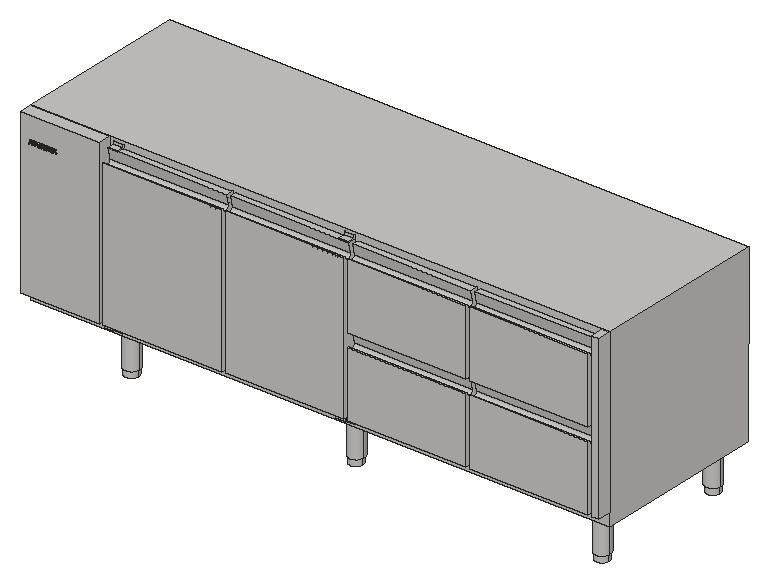
Revit family "QF_ALPENINOX_721171_AA4R7AABB", category Attrezzature speciali, Revit 2018 (continued)
Definition of nested family "HP_APX_BI_TN_L"
  Lines and regions (mm)
    Split face 120
      outline origin (330, -951.3, 50) x (1, 0, 0) y (0, 1, 0)
        loop
          arc (-328.464, 657.474) -> (-332.464, 653.474) -> (-328.464, 649.474) r 4
          line (-328.464, 649.474) -> (-286.464, 649.474)
          arc (-286.464, 649.474) -> (-282.464, 653.474) -> (-286.464, 657.474) r 4
          line (-286.464, 657.474) -> (-328.464, 657.474)
    Split face 121
      outline origin (110, -951.3, 50) x (1, 0, 0) y (0, 1, 0)
        loop
          arc (-218.464, 657.474) -> (-222.464, 653.474) -> (-218.464, 649.474) r 4
          line (-218.464, 649.474) -> (-176.464, 649.474)
          arc (-176.464, 649.474) -> (-172.464, 653.474) -> (-176.464, 657.474) r 4
          line (-176.464, 657.474) -> (-218.464, 657.474)
    Split face 122
      outline origin (220, -951.3, 50) x (1, 0, 0) y (0, 1, 0)
        loop
          arc (-273.464, 657.474) -> (-277.464, 653.474) -> (-273.464, 649.474) r 4
          line (-273.464, 649.474) -> (-231.464, 649.474)
          arc (-231.464, 649.474) -> (-227.464, 653.474) -> (-231.464, 657.474) r 4
          line (-231.464, 657.474) -> (-273.464, 657.474)
    Split face 123
      outline origin (0, -975.3, 50) x (1, 0, 0) y (0, 1, 0)
        loop
          arc (-163.464, 669.474) -> (-167.464, 665.474) -> (-163.464, 661.474) r 4
          line (-163.464, 661.474) -> (-121.464, 661.474)
          arc (-121.464, 661.474) -> (-117.464, 665.474) -> (-121.464, 669.474) r 4
          line (-121.464, 669.474) -> (-163.464, 669.474)
    Split face 124
      outline origin (330, -975.3, 50) x (1, 0, 0) y (0, 1, 0)
        loop
          arc (-328.464, 669.474) -> (-332.464, 665.474) -> (-328.464, 661.474) r 4
          line (-328.464, 661.474) -> (-286.464, 661.474)
          arc (-286.464, 661.474) -> (-282.464, 665.474) -> (-286.464, 669.474) r 4
          line (-286.464, 669.474) -> (-328.464, 669.474)
    Split face 125
      outline origin (110, -975.3, 50) x (1, 0, 0) y (0, 1, 0)
        loop
          arc (-218.464, 669.474) -> (-222.464, 665.474) -> (-218.464, 661.474) r 4
          line (-218.464, 661.474) -> (-176.464, 661.474)
          arc (-176.464, 661.474) -> (-172.464, 665.474) -> (-176.464, 669.474) r 4
          line (-176.464, 669.474) -> (-218.464, 669.474)
    Split face 126
      outline origin (220, -975.3, 50) x (1, 0, 0) y (0, 1, 0)
        loop
          arc (-273.464, 669.474) -> (-277.464, 665.474) -> (-273.464, 661.474) r 4
          line (-273.464, 661.474) -> (-231.464, 661.474)
          arc (-231.464, 661.474) -> (-227.464, 665.474) -> (-231.464, 669.474) r 4
          line (-231.464, 669.474) -> (-273.464, 669.474)
    Split face 127
      outline origin (0, -999.3, 50) x (1, 0, 0) y (0, 1, 0)
        loop
          arc (-163.464, 681.474) -> (-167.464, 677.474) -> (-163.464, 673.474) r 4
          line (-163.464, 673.474) -> (-121.464, 673.474)
          arc (-121.464, 673.474) -> (-117.464, 677.474) -> (-121.464, 681.474) r 4
          line (-121.464, 681.474) -> (-163.464, 681.474)
    Split face 128
      outline origin (330, -999.3, 50) x (1, 0, 0) y (0, 1, 0)
        loop
          arc (-328.464, 681.474) -> (-332.464, 677.474) -> (-328.464, 673.474) r 4
          line (-328.464, 673.474) -> (-286.464, 673.474)
          arc (-286.464, 673.474) -> (-282.464, 677.474) -> (-286.464, 681.474) r 4
          line (-286.464, 681.474) -> (-328.464, 681.474)
    Split face 129
      outline origin (110, -999.3, 50) x (1, 0, 0) y (0, 1, 0)
        loop
          arc (-218.464, 681.474) -> (-222.464, 677.474) -> (-218.464, 673.474) r 4
          line (-218.464, 673.474) -> (-176.464, 673.474)
          arc (-176.464, 673.474) -> (-172.464, 677.474) -> (-176.464, 681.474) r 4
          line (-176.464, 681.474) -> (-218.464, 681.474)
    Split face 130
      outline origin (220, -999.3, 50) x (1, 0, 0) y (0, 1, 0)
        loop
          arc (-273.464, 681.474) -> (-277.464, 677.474) -> (-273.464, 673.474) r 4
          line (-273.464, 673.474) -> (-231.464, 673.474)
          arc (-231.464, 673.474) -> (-227.464, 677.474) -> (-231.464, 681.474) r 4
          line (-231.464, 681.474) -> (-273.464, 681.474)
    Split face 131
      outline origin (0, -1023.3, 50) x (1, 0, 0) y (0, 1, 0)
        loop
          arc (-163.464, 693.474) -> (-167.464, 689.474) -> (-163.464, 685.474) r 4
          line (-163.464, 685.474) -> (-121.464, 685.474)
          arc (-121.464, 685.474) -> (-117.464, 689.474) -> (-121.464, 693.474) r 4
          line (-121.464, 693.474) -> (-163.464, 693.474)
    Split face 132
      outline origin (330, -1023.3, 50) x (1, 0, 0) y (0, 1, 0)
        loop
          arc (-328.464, 693.474) -> (-332.464, 689.474) -> (-328.464, 685.474) r 4
          line (-328.464, 685.474) -> (-286.464, 685.474)
          arc (-286.464, 685.474) -> (-282.464, 689.474) -> (-286.464, 693.474) r 4
          line (-286.464, 693.474) -> (-328.464, 693.474)
    Split face 133
      outline origin (110, -1023.3, 50) x (1, 0, 0) y (0, 1, 0)
        loop
          arc (-218.464, 693.474) -> (-222.464, 689.474) -> (-218.464, 685.474) r 4
          line (-218.464, 685.474) -> (-176.464, 685.474)
          arc (-176.464, 685.474) -> (-172.464, 689.474) -> (-176.464, 693.474) r 4
          line (-176.464, 693.474) -> (-218.464, 693.474)
    Split face 134
      outline origin (220, -1023.3, 50) x (1, 0, 0) y (0, 1, 0)
        loop
          arc (-273.464, 693.474) -> (-277.464, 689.474) -> (-273.464, 685.474) r 4
          line (-273.464, 685.474) -> (-231.464, 685.474)
          arc (-231.464, 685.474) -> (-227.464, 689.474) -> (-231.464, 693.474) r 4
          line (-231.464, 693.474) -> (-273.464, 693.474)
    symbolic lines
      curve 1: line (87.08, -49, 50) -> (87.08, -49, 0)
  Dimensions and locks
    equal spacing: plane 6, plane 1 "Center (Front/Back)", plane 7
    equal spacing: plane 4, plane 3 "Center (Left/Right)", plane 5
    aligned and locked: plane 2 to Extrusion 1
    aligned and locked: level to Extrusion 1
  Automatic sketch dimensions
    Split face 5 sketch curve to Split face 5 sketch curve = 42 mm
    Split face 5 sketch curve to Split face 5 sketch curve = 4 mm
    Split face 6 sketch curve to Split face 6 sketch curve = 42 mm
    Split face 6 sketch curve to Split face 6 sketch curve = 4 mm
    Split face 7 sketch curve to Split face 7 sketch curve = 42 mm
    Split face 7 sketch curve to Split face 7 sketch curve = 4 mm
    Split face 8 sketch curve to Split face 8 sketch curve = 42 mm
    Split face 8 sketch curve to Split face 8 sketch curve = 4 mm
    Split face 9 sketch curve to Split face 9 sketch curve = 42 mm
    Split face 9 sketch curve to Split face 9 sketch curve = 4 mm
    Split face 10 sketch curve to Split face 10 sketch curve = 42 mm
    Split face 10 sketch curve to Split face 10 sketch curve = 4 mm
    Split face 11 sketch curve to Split face 11 sketch curve = 42 mm
    Split face 11 sketch curve to Split face 11 sketch curve = 4 mm
    Split face 12 sketch curve to Split face 12 sketch curve = 42 mm
    Split face 12 sketch curve to Split face 12 sketch curve = 4 mm
    Split face 13 sketch curve to Split face 13 sketch curve = 42 mm
    Split face 13 sketch curve to Split face 13 sketch curve = 4 mm
    Split face 14 sketch curve to Split face 14 sketch curve = 42 mm
    Split face 14 sketch curve to Split face 14 sketch curve = 4 mm
    Split face 15 sketch curve to Split face 15 sketch curve = 42 mm
    Split face 15 sketch curve to Split face 15 sketch curve = 4 mm
    Split face 16 sketch curve to Split face 16 sketch curve = 42 mm
    Split face 16 sketch curve to Split face 16 sketch curve = 4 mm
    Split face 17 sketch curve to Split face 17 sketch curve = 42 mm
    Split face 17 sketch curve to Split face 17 sketch curve = 4 mm
    Split face 18 sketch curve to Split face 18 sketch curve = 42 mm
    Split face 18 sketch curve to Split face 18 sketch curve = 4 mm
    Split face 19 sketch curve to Split face 19 sketch curve = 42 mm
    Split face 19 sketch curve to Split face 19 sketch curve = 4 mm
    Split face 20 sketch curve to Split face 20 sketch curve = 42 mm
    Split face 20 sketch curve to Split face 20 sketch curve = 4 mm
    Split face 21 sketch curve to Split face 21 sketch curve = 42 mm
    Split face 21 sketch curve to Split face 21 sketch curve = 4 mm
    Split face 22 sketch curve to Split face 22 sketch curve = 42 mm
    Split face 22 sketch curve to Split face 22 sketch curve = 4 mm
    Split face 23 sketch curve to Split face 23 sketch curve = 42 mm
    Split face 23 sketch curve to Split face 23 sketch curve = 4 mm
    Split face 24 sketch curve to Split face 24 sketch curve = 42 mm
    Split face 24 sketch curve to Split face 24 sketch curve = 4 mm
    Split face 25 sketch curve to Split face 25 sketch curve = 42 mm
    Split face 25 sketch curve to Split face 25 sketch curve = 4 mm
    Split face 26 sketch curve to Split face 26 sketch curve = 42 mm
    Split face 26 sketch curve to Split face 26 sketch curve = 4 mm
    Split face 27 sketch curve to Split face 27 sketch curve = 42 mm
    Split face 27 sketch curve to Split face 27 sketch curve = 4 mm
    Split face 28 sketch curve to Split face 28 sketch curve = 42 mm
    Split face 28 sketch curve to Split face 28 sketch curve = 4 mm
    Split face 29 sketch curve to Split face 29 sketch curve = 42 mm
    Split face 29 sketch curve to Split face 29 sketch curve = 4 mm
    Split face 30 sketch curve to Split face 30 sketch curve = 42 mm
    Split face 30 sketch curve to Split face 30 sketch curve = 4 mm
    Split face 31 sketch curve to Split face 31 sketch curve = 42 mm
    Split face 31 sketch curve to Split face 31 sketch curve = 4 mm
    Split face 32 sketch curve to Split face 32 sketch curve = 42 mm
    Split face 32 sketch curve to Split face 32 sketch curve = 4 mm
    Split face 33 sketch curve to Split face 33 sketch curve = 42 mm
    Split face 33 sketch curve to Split face 33 sketch curve = 4 mm
    Split face 34 sketch curve to Split face 34 sketch curve = 42 mm
    Split face 34 sketch curve to Split face 34 sketch curve = 4 mm
    Split face 35 sketch curve to Split face 35 sketch curve = 42 mm
    Split face 35 sketch curve to Split face 35 sketch curve = 4 mm
    Split face 36 sketch curve to Split face 36 sketch curve = 42 mm
    Split face 36 sketch curve to Split face 36 sketch curve = 4 mm
    Split face 37 sketch curve to Split face 37 sketch curve = 42 mm
    Split face 37 sketch curve to Split face 37 sketch curve = 4 mm
    Split face 38 sketch curve to Split face 38 sketch curve = 42 mm
    Split face 38 sketch curve to Split face 38 sketch curve = 4 mm
    Split face 39 sketch curve to Split face 39 sketch curve = 42 mm
    Split face 39 sketch curve to Split face 39 sketch curve = 4 mm
    Split face 40 sketch curve to Split face 40 sketch curve = 42 mm
    Split face 40 sketch curve to Split face 40 sketch curve = 4 mm
    Split face 41 sketch curve to Split face 41 sketch curve = 42 mm
    Split face 41 sketch curve to Split face 41 sketch curve = 4 mm
    Split face 42 sketch curve to Split face 42 sketch curve = 42 mm
    Split face 42 sketch curve to Split face 42 sketch curve = 4 mm
    Split face 43 sketch curve to Split face 43 sketch curve = 42 mm
    Split face 43 sketch curve to Split face 43 sketch curve = 4 mm
    Split face 44 sketch curve to Split face 44 sketch curve = 42 mm
    Split face 44 sketch curve to Split face 44 sketch curve = 4 mm
    Split face 45 sketch curve to Split face 45 sketch curve = 42 mm
    Split face 45 sketch curve to Split face 45 sketch curve = 4 mm
    Split face 46 sketch curve to Split face 46 sketch curve = 42 mm
    Split face 46 sketch curve to Split face 46 sketch curve = 4 mm
    Split face 47 sketch curve to Split face 47 sketch curve = 42 mm
    Split face 47 sketch curve to Split face 47 sketch curve = 4 mm
    Split face 48 sketch curve to Split face 48 sketch curve = 42 mm
    Split face 48 sketch curve to Split face 48 sketch curve = 4 mm
    Split face 49 sketch curve to Split face 49 sketch curve = 42 mm
    Split face 49 sketch curve to Split face 49 sketch curve = 4 mm
    Split face 50 sketch curve to Split face 50 sketch curve = 42 mm
    Split face 50 sketch curve to Split face 50 sketch curve = 4 mm
    Split face 51 sketch curve to Split face 51 sketch curve = 42 mm
    Split face 51 sketch curve to Split face 51 sketch curve = 4 mm
    Split face 52 sketch curve to Split face 52 sketch curve = 42 mm
    Split face 52 sketch curve to Split face 52 sketch curve = 4 mm
    Split face 53 sketch curve to Split face 53 sketch curve = 42 mm
    Split face 53 sketch curve to Split face 53 sketch curve = 4 mm
    Split face 54 sketch curve to Split face 54 sketch curve = 42 mm
    Split face 54 sketch curve to Split face 54 sketch curve = 4 mm
    Split face 55 sketch curve to Split face 55 sketch curve = 42 mm
    Split face 55 sketch curve to Split face 55 sketch curve = 4 mm
    Split face 56 sketch curve to Split face 56 sketch curve = 42 mm
    Split face 56 sketch curve to Split face 56 sketch curve = 4 mm
    Split face 57 sketch curve to Split face 57 sketch curve = 42 mm
    Split face 57 sketch curve to Split face 57 sketch curve = 4 mm
    Split face 58 sketch curve to Split face 58 sketch curve = 42 mm
    Split face 58 sketch curve to Split face 58 sketch curve = 4 mm
    Split face 59 sketch curve to Split face 59 sketch curve = 42 mm
    Split face 59 sketch curve to Split face 59 sketch curve = 4 mm
    Split face 60 sketch curve to Split face 60 sketch curve = 42 mm
    Split face 60 sketch curve to Split face 60 sketch curve = 4 mm
    Split face 61 sketch curve to Split face 61 sketch curve = 42 mm
    Split face 61 sketch curve to Split face 61 sketch curve = 4 mm
    Split face 62 sketch curve to Split face 62 sketch curve = 42 mm
    Split face 62 sketch curve to Split face 62 sketch curve = 4 mm
    Split face 63 sketch curve to Split face 63 sketch curve = 42 mm
    Split face 63 sketch curve to Split face 63 sketch curve = 4 mm
    Split face 64 sketch curve to Split face 64 sketch curve = 42 mm
    Split face 64 sketch curve to Split face 64 sketch curve = 4 mm
    Split face 65 sketch curve to Split face 65 sketch curve = 42 mm
    Split face 65 sketch curve to Split face 65 sketch curve = 4 mm
    Split face 66 sketch curve to Split face 66 sketch curve = 42 mm
    Split face 66 sketch curve to Split face 66 sketch curve = 4 mm
    Split face 67 sketch curve to Split face 67 sketch curve = 42 mm
    Split face 67 sketch curve to Split face 67 sketch curve = 4 mm
    Split face 68 sketch curve to Split face 68 sketch curve = 42 mm
    Split face 68 sketch curve to Split face 68 sketch curve = 4 mm
    Split face 69 sketch curve to Split face 69 sketch curve = 42 mm
    Split face 69 sketch curve to Split face 69 sketch curve = 4 mm
    Split face 71 sketch curve to Split face 71 sketch curve = 42 mm
    Split face 71 sketch curve to Split face 71 sketch curve = 4 mm
    Split face 72 sketch curve to Split face 72 sketch curve = 42 mm
    Split face 72 sketch curve to Split face 72 sketch curve = 4 mm
    Split face 73 sketch curve to Split face 73 sketch curve = 42 mm
    Split face 73 sketch curve to Split face 73 sketch curve = 4 mm
    Split face 74 sketch curve to Split face 74 sketch curve = 42 mm
    Split face 74 sketch curve to Split face 74 sketch curve = 4 mm
    Split face 75 sketch curve to Split face 75 sketch curve = 42 mm
    Split face 75 sketch curve to Split face 75 sketch curve = 4 mm
    Split face 76 sketch curve to Split face 76 sketch curve = 42 mm
    Split face 76 sketch curve to Split face 76 sketch curve = 4 mm
    Split face 77 sketch curve to Split face 77 sketch curve = 42 mm
    Split face 77 sketch curve to Split face 77 sketch curve = 4 mm
    Split face 78 sketch curve to Split face 78 sketch curve = 42 mm
    Split face 78 sketch curve to Split face 78 sketch curve = 4 mm
    Split face 79 sketch curve to Split face 79 sketch curve = 42 mm
    Split face 79 sketch curve to Split face 79 sketch curve = 4 mm
    Split face 80 sketch curve to Split face 80 sketch curve = 42 mm
    Split face 80 sketch curve to Split face 80 sketch curve = 4 mm
    Split face 81 sketch curve to Split face 81 sketch curve = 42 mm
    Split face 81 sketch curve to Split face 81 sketch curve = 4 mm
    Split face 82 sketch curve to Split face 82 sketch curve = 42 mm
    Split face 82 sketch curve to Split face 82 sketch curve = 4 mm
    Split face 83 sketch curve to Split face 83 sketch curve = 42 mm
    Split face 83 sketch curve to Split face 83 sketch curve = 4 mm
    Split face 84 sketch curve to Split face 84 sketch curve = 42 mm
    Split face 84 sketch curve to Split face 84 sketch curve = 4 mm
    Split face 85 sketch curve to Split face 85 sketch curve = 42 mm
    Split face 85 sketch curve to Split face 85 sketch curve = 4 mm
    Split face 86 sketch curve to Split face 86 sketch curve = 42 mm
    Split face 86 sketch curve to Split face 86 sketch curve = 4 mm
    Split face 87 sketch curve to Split face 87 sketch curve = 42 mm
    Split face 87 sketch curve to Split face 87 sketch curve = 4 mm
    Split face 88 sketch curve to Split face 88 sketch curve = 42 mm
    Split face 88 sketch curve to Split face 88 sketch curve = 4 mm
    Split face 89 sketch curve to Split face 89 sketch curve = 42 mm
    Split face 89 sketch curve to Split face 89 sketch curve = 4 mm
    Split face 90 sketch curve to Split face 90 sketch curve = 42 mm
    Split face 90 sketch curve to Split face 90 sketch curve = 4 mm
    Split face 91 sketch curve to Split face 91 sketch curve = 42 mm
    Split face 91 sketch curve to Split face 91 sketch curve = 4 mm
    Split face 92 sketch curve to Split face 92 sketch curve = 42 mm
    Split face 92 sketch curve to Split face 92 sketch curve = 4 mm
    Split face 93 sketch curve to Split face 93 sketch curve = 42 mm
    Split face 93 sketch curve to Split face 93 sketch curve = 4 mm
    Split face 94 sketch curve to Split face 94 sketch curve = 42 mm
    Split face 94 sketch curve to Split face 94 sketch curve = 4 mm
    Split face 95 sketch curve to Split face 95 sketch curve = 42 mm
    Split face 95 sketch curve to Split face 95 sketch curve = 4 mm
    Split face 96 sketch curve to Split face 96 sketch curve = 42 mm
    Split face 96 sketch curve to Split face 96 sketch curve = 4 mm
    Split face 97 sketch curve to Split face 97 sketch curve = 42 mm
    Split face 97 sketch curve to Split face 97 sketch curve = 4 mm
    Split face 98 sketch curve to Split face 98 sketch curve = 42 mm
    Split face 98 sketch curve to Split face 98 sketch curve = 4 mm
    Split face 99 sketch curve to Split face 99 sketch curve = 42 mm
    Split face 99 sketch curve to Split face 99 sketch curve = 4 mm
    Split face 100 sketch curve to Split face 100 sketch curve = 42 mm
    Split face 100 sketch curve to Split face 100 sketch curve = 4 mm
    Split face 101 sketch curve to Split face 101 sketch curve = 42 mm
    Split face 101 sketch curve to Split face 101 sketch curve = 4 mm
    Split face 102 sketch curve to Split face 102 sketch curve = 42 mm
    Split face 102 sketch curve to Split face 102 sketch curve = 4 mm
    Split face 103 sketch curve to Split face 103 sketch curve = 42 mm
    Split face 103 sketch curve to Split face 103 sketch curve = 4 mm
    Split face 104 sketch curve to Split face 104 sketch curve = 42 mm
    Split face 104 sketch curve to Split face 104 sketch curve = 4 mm
    Split face 105 sketch curve to Split face 105 sketch curve = 42 mm
    Split face 105 sketch curve to Split face 105 sketch curve = 4 mm
    Split face 106 sketch curve to Split face 106 sketch curve = 42 mm
    Split face 106 sketch curve to Split face 106 sketch curve = 4 mm
    Split face 107 sketch curve to Split face 107 sketch curve = 42 mm
    Split face 107 sketch curve to Split face 107 sketch curve = 4 mm
    Split face 108 sketch curve to Split face 108 sketch curve = 42 mm
    Split face 108 sketch curve to Split face 108 sketch curve = 4 mm
    Split face 109 sketch curve to Split face 109 sketch curve = 42 mm
    Split face 109 sketch curve to Split face 109 sketch curve = 4 mm
    Split face 110 sketch curve to Split face 110 sketch curve = 42 mm
    Split face 110 sketch curve to Split face 110 sketch curve = 4 mm
    Split face 111 sketch curve to Split face 111 sketch curve = 42 mm
    Split face 111 sketch curve to Split face 111 sketch curve = 4 mm
    Split face 112 sketch curve to Split face 112 sketch curve = 42 mm
    Split face 112 sketch curve to Split face 112 sketch curve = 4 mm
    Split face 113 sketch curve to Split face 113 sketch curve = 42 mm
    Split face 113 sketch curve to Split face 113 sketch curve = 4 mm
    Split face 114 sketch curve to Split face 114 sketch curve = 42 mm
    Split face 114 sketch curve to Split face 114 sketch curve = 4 mm
    Split face 115 sketch curve to Split face 115 sketch curve = 42 mm
    Split face 115 sketch curve to Split face 115 sketch curve = 4 mm
    Split face 116 sketch curve to Split face 116 sketch curve = 42 mm
    Split face 116 sketch curve to Split face 116 sketch curve = 4 mm
    Split face 117 sketch curve to Split face 117 sketch curve = 42 mm
    Split face 117 sketch curve to Split face 117 sketch curve = 4 mm
    Split face 118 sketch curve to Split face 118 sketch curve = 42 mm
    Split face 118 sketch curve to Split face 118 sketch curve = 4 mm
    Split face 119 sketch curve to Split face 119 sketch curve = 42 mm
    Split face 119 sketch curve to Split face 119 sketch curve = 4 mm
    Split face 120 sketch curve to Split face 120 sketch curve = 42 mm
    Split face 120 sketch curve to Split face 120 sketch curve = 4 mm
    Split face 121 sketch curve to Split face 121 sketch curve = 42 mm
    Split face 121 sketch curve to Split face 121 sketch curve = 4 mm
    Split face 122 sketch curve to Split face 122 sketch curve = 42 mm
    Split face 122 sketch curve to Split face 122 sketch curve = 4 mm
    Split face 123 sketch curve to Split face 123 sketch curve = 42 mm
    Split face 123 sketch curve to Split face 123 sketch curve = 4 mm
    Split face 124 sketch curve to Split face 124 sketch curve = 42 mm
    Split face 124 sketch curve to Split face 124 sketch curve = 4 mm
    Split face 125 sketch curve to Split face 125 sketch curve = 42 mm
    Split face 125 sketch curve to Split face 125 sketch curve = 4 mm
    Split face 126 sketch curve to Split face 126 sketch curve = 42 mm
    Split face 126 sketch curve to Split face 126 sketch curve = 4 mm
    Split face 127 sketch curve to Split face 127 sketch curve = 42 mm
    Split face 127 sketch curve to Split face 127 sketch curve = 4 mm
    Split face 128 sketch curve to Split face 128 sketch curve = 42 mm
    Split face 128 sketch curve to Split face 128 sketch curve = 4 mm
    Split face 129 sketch curve to Split face 129 sketch curve = 42 mm
    Split face 129 sketch curve to Split face 129 sketch curve = 4 mm
    Split face 130 sketch curve to Split face 130 sketch curve = 42 mm
    Split face 130 sketch curve to Split face 130 sketch curve = 4 mm
    Split face 131 sketch curve to Split face 131 sketch curve = 42 mm
    Split face 131 sketch curve to Split face 131 sketch curve = 4 mm
    Split face 132 sketch curve to Split face 132 sketch curve = 42 mm
    Split face 132 sketch curve to Split face 132 sketch curve = 4 mm
    Split face 133 sketch curve to Split face 133 sketch curve = 42 mm
    Split face 133 sketch curve to Split face 133 sketch curve = 4 mm
    Split face 134 sketch curve to Split face 134 sketch curve = 42 mm
    Split face 134 sketch curve to Split face 134 sketch curve = 4 mm
    Extrusion 1 sketch curve to Extrusion 1 sketch curve = 2438.4 mm  (x2)
    Extrusion 2 sketch curve to plane 4 = 0 mm
    Extrusion 2 sketch curve to plane 5 = 0 mm
    Extrusion 2 sketch curve to plane 7 = 0 mm
    Extrusion 2 sketch curve to plane 6 = 0 mm
    Split face 1 sketch curve to Extrusion 2 = 0 mm  (x2)
    Split face 1 sketch curve to Extrusion 2 = 34 mm
    Split face 1 sketch curve to Extrusion 2 = 104 mm
    Split face 1 sketch curve to Split face 1 sketch curve = 17.5 mm
    Split face 2 sketch curve to Extrusion 2 = 130.5 mm
    Split face 2 sketch curve to Extrusion 2 = 60.5 mm
    Split face 2 sketch curve to Extrusion 2 = 98 mm
    Split face 2 sketch curve to Split face 2 sketch curve = 23 mm
    Split face 3 sketch curve to Extrusion 2 = 80.5 mm
    Split face 3 sketch curve to Split face 3 sketch curve = 17 mm  (x2)
    Split face 3 sketch curve to Extrusion 2 = 95 mm
    plane 4 to Extrusion 3 sketch curve = 34.51 mm
    Extrusion 3 sketch curve to Extrusion 3 sketch curve = 1.266 mm
    Extrusion 3 sketch curve to Extrusion 3 sketch curve = 1.307 mm
    Extrusion 3 sketch curve to Extrusion 3 sketch curve = 0.57 mm
    Extrusion 3 sketch curve to Extrusion 3 sketch curve = 0.593 mm
    Extrusion 3 sketch curve to Extrusion 3 sketch curve = 0.799 mm
    Extrusion 3 sketch curve to Extrusion 3 sketch curve = 1.99 mm  (x2)
    Extrusion 3 sketch curve to Extrusion 3 sketch curve = 0.003 mm
    Extrusion 3 sketch curve to Extrusion 3 sketch curve = 3.534 mm
    Extrusion 3 sketch curve to Extrusion 3 sketch curve = 0.835 mm
    Extrusion 3 sketch curve to Extrusion 3 sketch curve = 0.56 mm
    Extrusion 3 sketch curve to Extrusion 3 sketch curve = 1.268 mm
    Extrusion 3 sketch curve to Extrusion 3 sketch curve = 1.223 mm
    Extrusion 3 sketch curve to Extrusion 3 sketch curve = 1.344 mm
    Extrusion 3 sketch curve to Extrusion 3 sketch curve = 1.394 mm  (x2)
    Extrusion 3 sketch curve to Extrusion 3 sketch curve = 1.512 mm
    Extrusion 3 sketch curve to Extrusion 3 sketch curve = 3.309 mm
    Extrusion 3 sketch curve to Extrusion 3 sketch curve = 5.841 mm
    Extrusion 3 sketch curve to Extrusion 3 sketch curve = 1.393 mm
    Extrusion 3 sketch curve to Extrusion 3 sketch curve = 1.439 mm
    Extrusion 3 sketch curve to Extrusion 3 sketch curve = 0 mm  (x19)
    Extrusion 3 sketch curve to Extrusion 3 sketch curve = 1.902 mm
    Extrusion 3 sketch curve to Extrusion 3 sketch curve = 0.052 mm
    Extrusion 3 sketch curve to Extrusion 3 sketch curve = 2.065 mm
    Extrusion 3 sketch curve to Extrusion 3 sketch curve = 0.647 mm
    Extrusion 3 sketch curve to Extrusion 3 sketch curve = 8.079 mm
    Extrusion 3 sketch curve to Extrusion 3 sketch curve = 0.073 mm
    Extrusion 3 sketch curve to Extrusion 3 sketch curve = 2.145 mm
    Extrusion 3 sketch curve to Extrusion 3 sketch curve = 2.931 mm
    Extrusion 3 sketch curve to Extrusion 3 sketch curve = 0.213 mm
    Extrusion 3 sketch curve to Extrusion 3 sketch curve = 0.026 mm
    Extrusion 3 sketch curve to Extrusion 3 sketch curve = 0.263 mm
    Extrusion 3 sketch curve to Extrusion 3 sketch curve = 0.516 mm
    Extrusion 3 sketch curve to Extrusion 3 sketch curve = 0.356 mm
    Extrusion 3 sketch curve to Extrusion 3 sketch curve = 0.387 mm
    Extrusion 3 sketch curve to Extrusion 3 sketch curve = 2.378 mm
    Extrusion 3 sketch curve to Extrusion 3 sketch curve = 2.466 mm
    Extrusion 3 sketch curve to Extrusion 3 sketch curve = 0.602 mm
    Extrusion 3 sketch curve to Extrusion 3 sketch curve = 1.02 mm
    Extrusion 3 sketch curve to Extrusion 3 sketch curve = 0.949 mm
    Extrusion 3 sketch curve to Extrusion 3 sketch curve = 1.728 mm
    Extrusion 3 sketch curve to Extrusion 3 sketch curve = 0.157 mm  (x2)
    Extrusion 3 sketch curve to Extrusion 3 sketch curve = 0.292 mm
    Extrusion 3 sketch curve to Extrusion 3 sketch curve = 3.565 mm
    Extrusion 3 sketch curve to Extrusion 3 sketch curve = 1.396 mm  (x2)
    Extrusion 3 sketch curve to Extrusion 3 sketch curve = 1.418 mm  (x2)
    Extrusion 3 sketch curve to Extrusion 3 sketch curve = 1.151 mm  (x2)
    Extrusion 3 sketch curve to Extrusion 3 sketch curve = 5.709 mm  (x2)
    Extrusion 3 sketch curve to Extrusion 3 sketch curve = 0.224 mm  (x2)
    Extrusion 3 sketch curve to Extrusion 3 sketch curve = 1.149 mm  (x2)
    Extrusion 3 sketch curve to Extrusion 3 sketch curve = 1.395 mm  (x2)
    Extrusion 3 sketch curve to Extrusion 3 sketch curve = 1.744 mm
    Extrusion 3 sketch curve to Extrusion 3 sketch curve = 1.745 mm
    Extrusion 3 sketch curve to Extrusion 3 sketch curve = 6.963 mm
    Extrusion 3 sketch curve to Extrusion 3 sketch curve = 0.493 mm  (x3)
    Extrusion 3 sketch curve to Extrusion 3 sketch curve = 0.273 mm  (x2)
    Extrusion 3 sketch curve to Extrusion 3 sketch curve = 0.021 mm  (x2)
    Extrusion 3 sketch curve to Extrusion 3 sketch curve = 0.226 mm  (x2)
    Extrusion 3 sketch curve to Extrusion 3 sketch curve = 0.268 mm  (x2)
    Extrusion 3 sketch curve to Extrusion 3 sketch curve = 0.294 mm
    Extrusion 3 sketch curve to Extrusion 3 sketch curve = 5.238 mm
    Extrusion 3 sketch curve to Extrusion 3 sketch curve = 5.908 mm
    Extrusion 3 sketch curve to Extrusion 3 sketch curve = 1.109 mm  (x2)
    Extrusion 3 sketch curve to Extrusion 3 sketch curve = 1.108 mm  (x2)
    Extrusion 3 sketch curve to Extrusion 3 sketch curve = 1.142 mm  (x2)
    Extrusion 3 sketch curve to Extrusion 3 sketch curve = 1.216 mm  (x2)
    Extrusion 3 sketch curve to Extrusion 3 sketch curve = 3.013 mm
    Extrusion 3 sketch curve to Extrusion 3 sketch curve = 1.616 mm  (x3)
    Extrusion 3 sketch curve to Extrusion 3 sketch curve = 2.305 mm
    Extrusion 3 sketch curve to Extrusion 3 sketch curve = 3.049 mm
    Extrusion 3 sketch curve to plane 6 = 93.469 mm
    Extrusion 3 sketch curve to Extrusion 3 sketch curve = 0.498 mm
    Extrusion 3 sketch curve to Extrusion 3 sketch curve = 0.682 mm
    Extrusion 3 sketch curve to Extrusion 3 sketch curve = 0.664 mm
    Extrusion 3 sketch curve to Extrusion 3 sketch curve = 0.425 mm
    Extrusion 3 sketch curve to Extrusion 3 sketch curve = 0.41 mm
    Extrusion 3 sketch curve to Extrusion 3 sketch curve = 1.272 mm
    Extrusion 3 sketch curve to Extrusion 3 sketch curve = 0.789 mm  (x2)
    Extrusion 3 sketch curve to Extrusion 3 sketch curve = 0.056 mm
    Extrusion 3 sketch curve to Extrusion 3 sketch curve = 0.83 mm
    Extrusion 3 sketch curve to Extrusion 3 sketch curve = 1.238 mm
    Extrusion 3 sketch curve to Extrusion 3 sketch curve = 1.732 mm
    Extrusion 3 sketch curve to Extrusion 3 sketch curve = 0.346 mm
    Extrusion 3 sketch curve to Extrusion 3 sketch curve = 1.123 mm
    Extrusion 3 sketch curve to Extrusion 3 sketch curve = 3.023 mm
    Extrusion 3 sketch curve to Extrusion 3 sketch curve = 4.203 mm
    Extrusion 3 sketch curve to Extrusion 3 sketch curve = 3.452 mm  (x2)
    Extrusion 3 sketch curve to Extrusion 3 sketch curve = 2.544 mm
    Extrusion 3 sketch curve to Extrusion 3 sketch curve = 1.177 mm
    Extrusion 3 sketch curve to Extrusion 3 sketch curve = 3.261 mm
    Extrusion 3 sketch curve to Extrusion 3 sketch curve = 0.352 mm  (x2)
    Extrusion 3 sketch curve to Extrusion 3 sketch curve = 1.987 mm
    Extrusion 3 sketch curve to Extrusion 3 sketch curve = 0.171 mm
    Extrusion 3 sketch curve to Extrusion 3 sketch curve = 0.533 mm  (x3)
    Extrusion 3 sketch curve to Extrusion 3 sketch curve = 0.14 mm  (x4)
    Extrusion 3 sketch curve to Extrusion 3 sketch curve = 0.473 mm
    Extrusion 3 sketch curve to Extrusion 3 sketch curve = 0.31 mm  (x2)
    Extrusion 3 sketch curve to Extrusion 3 sketch curve = 0.075 mm
    Extrusion 3 sketch curve to Extrusion 3 sketch curve = 2.431 mm
    Extrusion 3 sketch curve to Extrusion 3 sketch curve = 2.32 mm  (x2)
    Extrusion 3 sketch curve to Extrusion 3 sketch curve = 1.992 mm
    Extrusion 3 sketch curve to Extrusion 3 sketch curve = 0.674 mm
    Extrusion 3 sketch curve to Extrusion 3 sketch curve = 0.732 mm
    Extrusion 3 sketch curve to Extrusion 3 sketch curve = 0.388 mm
    Extrusion 3 sketch curve to Extrusion 3 sketch curve = 0.121 mm
    Extrusion 3 sketch curve to Extrusion 3 sketch curve = 2.589 mm
    Extrusion 3 sketch curve to Extrusion 3 sketch curve = 0.662 mm
    Extrusion 3 sketch curve to Extrusion 3 sketch curve = 3.473 mm
    Extrusion 3 sketch curve to Extrusion 3 sketch curve = 0.681 mm
    Extrusion 3 sketch curve to Extrusion 3 sketch curve = 1.615 mm
    Extrusion 3 sketch curve to Extrusion 3 sketch curve = 0.34 mm
    Extrusion 3 sketch curve to Extrusion 3 sketch curve = 2.288 mm
    Extrusion 3 sketch curve to Extrusion 3 sketch curve = 0.942 mm
    Extrusion 3 sketch curve to Extrusion 3 sketch curve = 5.4 mm
    Extrusion 3 sketch curve to Extrusion 3 sketch curve = 1.768 mm  (x2)
    Extrusion 3 sketch curve to Extrusion 3 sketch curve = 0.761 mm
    Extrusion 3 sketch curve to Extrusion 3 sketch curve = 0.996 mm
    Extrusion 3 sketch curve to Extrusion 3 sketch curve = 3.543 mm  (x2)
    Extrusion 3 sketch curve to Extrusion 3 sketch curve = 7.017 mm
    Extrusion 3 sketch curve to Extrusion 3 sketch curve = 0.11 mm
    Extrusion 3 sketch curve to Extrusion 3 sketch curve = 0.823 mm  (x2)
    Extrusion 3 sketch curve to Extrusion 3 sketch curve = 0.947 mm
    Extrusion 3 sketch curve to Extrusion 3 sketch curve = 3.837 mm
    Extrusion 3 sketch curve to Extrusion 3 sketch curve = 0.623 mm
    Extrusion 3 sketch curve to Extrusion 3 sketch curve = 1.082 mm
    Extrusion 3 sketch curve to Extrusion 3 sketch curve = 0.801 mm
    Extrusion 3 sketch curve to Extrusion 3 sketch curve = 1 mm
    Extrusion 3 sketch curve to Extrusion 3 sketch curve = 0.089 mm
    Extrusion 3 sketch curve to Extrusion 3 sketch curve = 4.257 mm
    Extrusion 3 sketch curve to Extrusion 3 sketch curve = 4.345 mm  (x2)
    Extrusion 3 sketch curve to Extrusion 3 sketch curve = 2.576 mm
    Extrusion 3 sketch curve to Extrusion 3 sketch curve = 1.385 mm  (x4)
    Extrusion 3 sketch curve to Extrusion 3 sketch curve = 2.133 mm  (x4)
    Extrusion 3 sketch curve to Extrusion 3 sketch curve = 3.518 mm
    Extrusion 3 sketch curve to Extrusion 3 sketch curve = 5.603 mm
    Extrusion 3 sketch curve to Extrusion 3 sketch curve = 2.571 mm
    Split face 4 sketch curve to Extrusion 2 = 0 mm  (x2)
    Split face 4 sketch curve to Extrusion 2 = 64 mm
    Extrusion 4 sketch curve to Extrusion 4 sketch curve = 294 mm
    Extrusion 4 sketch curve to Extrusion 4 sketch curve = 652 mm
    Split face 70 sketch curve to Extrusion 2 = 0 mm  (x2)
    Split face 70 sketch curve to Extrusion 2 = 109 mm
    Split face 5 sketch curve to Extrusion 2 = 43.456 mm
    Split face 5 sketch curve to Extrusion 2 = 128.176 mm
    Split face 6 sketch curve to Extrusion 2 = 85.544 mm
    Split face 6 sketch curve to Extrusion 2 = 128.176 mm
    Split face 7 sketch curve to Extrusion 2 = 98.456 mm
    Split face 7 sketch curve to Extrusion 2 = 128.176 mm
    Split face 8 sketch curve to Extrusion 2 = 140.544 mm
    Split face 8 sketch curve to Extrusion 2 = 128.176 mm
    Split face 10 sketch curve to Extrusion 2 = 43.456 mm
    Split face 10 sketch curve to Extrusion 2 = 140.176 mm
    Split face 11 sketch curve to Extrusion 2 = 85.544 mm
    Split face 11 sketch curve to Extrusion 2 = 140.176 mm
    Split face 12 sketch curve to Extrusion 2 = 98.456 mm
    Split face 12 sketch curve to Extrusion 2 = 140.176 mm
    Split face 13 sketch curve to Extrusion 2 = 140.544 mm
    Split face 13 sketch curve to Extrusion 2 = 140.176 mm
    Split face 14 sketch curve to Extrusion 2 = 43.456 mm
    Split face 14 sketch curve to Extrusion 2 = 152.176 mm
    Split face 15 sketch curve to Extrusion 2 = 85.544 mm
    Split face 15 sketch curve to Extrusion 2 = 152.176 mm
    Split face 16 sketch curve to Extrusion 2 = 98.456 mm
    Split face 16 sketch curve to Extrusion 2 = 152.176 mm
    Split face 17 sketch curve to Extrusion 2 = 140.544 mm
    Split face 17 sketch curve to Extrusion 2 = 152.176 mm
    Split face 18 sketch curve to Extrusion 2 = 43.456 mm
    Split face 18 sketch curve to Extrusion 2 = 164.176 mm
    Split face 19 sketch curve to Extrusion 2 = 85.544 mm
    Split face 19 sketch curve to Extrusion 2 = 164.176 mm
    Split face 20 sketch curve to Extrusion 2 = 98.456 mm
    Split face 20 sketch curve to Extrusion 2 = 164.176 mm
    Split face 21 sketch curve to Extrusion 2 = 140.544 mm
    Split face 21 sketch curve to Extrusion 2 = 164.176 mm
    Split face 22 sketch curve to Extrusion 2 = 43.456 mm
    Split face 22 sketch curve to Extrusion 2 = 176.176 mm
    Split face 23 sketch curve to Extrusion 2 = 85.544 mm
    Split face 23 sketch curve to Extrusion 2 = 176.176 mm
    Split face 24 sketch curve to Extrusion 2 = 98.456 mm
    Split face 24 sketch curve to Extrusion 2 = 176.176 mm
    Split face 25 sketch curve to Extrusion 2 = 140.544 mm
    Split face 25 sketch curve to Extrusion 2 = 176.176 mm
    Split face 26 sketch curve to Extrusion 2 = 43.456 mm
    Split face 26 sketch curve to Extrusion 2 = 188.176 mm
    Split face 27 sketch curve to Extrusion 2 = 85.544 mm
    Split face 27 sketch curve to Extrusion 2 = 188.176 mm
    Split face 28 sketch curve to Extrusion 2 = 98.456 mm
    Split face 28 sketch curve to Extrusion 2 = 188.176 mm
    Split face 29 sketch curve to Extrusion 2 = 140.544 mm
    Split face 29 sketch curve to Extrusion 2 = 188.176 mm
    Split face 30 sketch curve to Extrusion 2 = 43.456 mm
    Split face 30 sketch curve to Extrusion 2 = 200.176 mm
    Split face 31 sketch curve to Extrusion 2 = 85.544 mm
    Split face 31 sketch curve to Extrusion 2 = 200.176 mm
    Split face 32 sketch curve to Extrusion 2 = 98.456 mm
    Split face 32 sketch curve to Extrusion 2 = 200.176 mm
    Split face 33 sketch curve to Extrusion 2 = 140.544 mm
    Split face 33 sketch curve to Extrusion 2 = 200.176 mm
    Split face 34 sketch curve to Extrusion 2 = 43.456 mm
    Split face 34 sketch curve to Extrusion 2 = 212.176 mm
    Split face 35 sketch curve to Extrusion 2 = 85.544 mm
    Split face 35 sketch curve to Extrusion 2 = 212.176 mm
    Split face 36 sketch curve to Extrusion 2 = 98.456 mm
    Split face 36 sketch curve to Extrusion 2 = 212.176 mm
    Split face 37 sketch curve to Extrusion 2 = 140.544 mm
    Split face 37 sketch curve to Extrusion 2 = 212.176 mm
    Split face 38 sketch curve to Extrusion 2 = 43.456 mm
    Split face 38 sketch curve to Extrusion 2 = 224.176 mm
    Split face 39 sketch curve to Extrusion 2 = 85.544 mm
    Split face 39 sketch curve to Extrusion 2 = 224.176 mm
    Split face 40 sketch curve to Extrusion 2 = 98.456 mm
    Split face 40 sketch curve to Extrusion 2 = 224.176 mm
    Split face 41 sketch curve to Extrusion 2 = 140.544 mm
    Split face 41 sketch curve to Extrusion 2 = 224.176 mm
    Split face 42 sketch curve to Extrusion 2 = 43.456 mm
    Split face 42 sketch curve to Extrusion 2 = 236.176 mm
    Split face 43 sketch curve to Extrusion 2 = 85.544 mm
    Split face 43 sketch curve to Extrusion 2 = 236.176 mm
    Split face 44 sketch curve to Extrusion 2 = 98.456 mm
    Split face 44 sketch curve to Extrusion 2 = 236.176 mm
    Split face 45 sketch curve to Extrusion 2 = 140.544 mm
    Split face 45 sketch curve to Extrusion 2 = 236.176 mm
    Split face 46 sketch curve to Extrusion 2 = 43.456 mm
    Split face 46 sketch curve to Extrusion 2 = 248.176 mm
    Split face 47 sketch curve to Extrusion 2 = 85.544 mm
    Split face 47 sketch curve to Extrusion 2 = 248.176 mm
    Split face 48 sketch curve to Extrusion 2 = 98.456 mm
    Split face 48 sketch curve to Extrusion 2 = 248.176 mm
    Split face 49 sketch curve to Extrusion 2 = 140.544 mm
    Split face 49 sketch curve to Extrusion 2 = 248.176 mm
    Split face 50 sketch curve to Extrusion 2 = 43.456 mm
    Split face 50 sketch curve to Extrusion 2 = 260.176 mm
    Split face 51 sketch curve to Extrusion 2 = 85.544 mm
    Split face 51 sketch curve to Extrusion 2 = 260.176 mm
    Split face 52 sketch curve to Extrusion 2 = 98.456 mm
    Split face 52 sketch curve to Extrusion 2 = 260.176 mm
    Split face 53 sketch curve to Extrusion 2 = 140.544 mm
    Split face 53 sketch curve to Extrusion 2 = 260.176 mm
    Split face 54 sketch curve to Extrusion 2 = 43.456 mm
    Split face 54 sketch curve to Extrusion 2 = 272.176 mm
    Split face 55 sketch curve to Extrusion 2 = 85.544 mm
    Split face 55 sketch curve to Extrusion 2 = 272.176 mm
    Split face 56 sketch curve to Extrusion 2 = 98.456 mm
    Split face 56 sketch curve to Extrusion 2 = 272.176 mm
    Split face 57 sketch curve to Extrusion 2 = 140.544 mm
    Split face 57 sketch curve to Extrusion 2 = 272.176 mm
    Split face 58 sketch curve to Extrusion 2 = 43.456 mm
    Split face 58 sketch curve to Extrusion 2 = 284.176 mm
    Split face 59 sketch curve to Extrusion 2 = 85.544 mm
    Split face 59 sketch curve to Extrusion 2 = 284.176 mm
    Split face 60 sketch curve to Extrusion 2 = 98.456 mm
    Split face 60 sketch curve to Extrusion 2 = 284.176 mm
    Split face 61 sketch curve to Extrusion 2 = 140.544 mm
    Split face 61 sketch curve to Extrusion 2 = 284.176 mm
    Split face 62 sketch curve to Extrusion 2 = 43.456 mm
    Split face 62 sketch curve to Extrusion 2 = 296.176 mm
    Split face 63 sketch curve to Extrusion 2 = 85.544 mm
    Split face 63 sketch curve to Extrusion 2 = 296.176 mm
    Split face 64 sketch curve to Extrusion 2 = 98.456 mm
    Split face 64 sketch curve to Extrusion 2 = 296.176 mm
    Split face 65 sketch curve to Extrusion 2 = 140.544 mm
    Split face 65 sketch curve to Extrusion 2 = 296.176 mm
    Split face 66 sketch curve to Extrusion 2 = 43.456 mm
    Split face 66 sketch curve to Extrusion 2 = 308.176 mm
    Split face 67 sketch curve to Extrusion 2 = 85.544 mm
    Split face 67 sketch curve to Extrusion 2 = 308.176 mm
    Split face 68 sketch curve to Extrusion 2 = 98.456 mm
    Split face 68 sketch curve to Extrusion 2 = 308.176 mm
    Split face 69 sketch curve to Extrusion 2 = 140.544 mm
    Split face 69 sketch curve to Extrusion 2 = 308.176 mm
    Split face 71 sketch curve to Extrusion 2 = 43.456 mm
    Split face 71 sketch curve to Extrusion 2 = 192.174 mm
    Split face 72 sketch curve to Extrusion 2 = 85.544 mm
    Split face 72 sketch curve to Extrusion 2 = 192.174 mm
    Split face 73 sketch curve to Extrusion 2 = 98.456 mm
    Split face 73 sketch curve to Extrusion 2 = 192.174 mm
    Split face 74 sketch curve to Extrusion 2 = 140.544 mm
    Split face 74 sketch curve to Extrusion 2 = 192.174 mm
    Split face 75 sketch curve to Extrusion 2 = 43.456 mm
    Split face 75 sketch curve to Extrusion 2 = 180.174 mm
    Split face 76 sketch curve to Extrusion 2 = 85.544 mm
    Split face 76 sketch curve to Extrusion 2 = 180.174 mm
    Split face 77 sketch curve to Extrusion 2 = 98.456 mm
    Split face 77 sketch curve to Extrusion 2 = 180.174 mm
    Split face 78 sketch curve to Extrusion 2 = 140.544 mm
    Split face 78 sketch curve to Extrusion 2 = 180.174 mm
    Split face 79 sketch curve to Extrusion 2 = 43.456 mm
    Split face 79 sketch curve to Extrusion 2 = 168.174 mm
    Split face 80 sketch curve to Extrusion 2 = 85.544 mm
    Split face 80 sketch curve to Extrusion 2 = 168.174 mm
    Split face 81 sketch curve to Extrusion 2 = 98.456 mm
    Split face 81 sketch curve to Extrusion 2 = 168.174 mm
    Split face 82 sketch curve to Extrusion 2 = 140.544 mm
    Split face 82 sketch curve to Extrusion 2 = 168.174 mm
    Split face 83 sketch curve to Extrusion 2 = 43.456 mm
    Split face 83 sketch curve to Extrusion 2 = 156.174 mm
    Split face 84 sketch curve to Extrusion 2 = 85.544 mm
    Split face 84 sketch curve to Extrusion 2 = 156.174 mm
    Split face 85 sketch curve to Extrusion 2 = 98.456 mm
    Split face 85 sketch curve to Extrusion 2 = 156.174 mm
    Split face 86 sketch curve to Extrusion 2 = 140.544 mm
    Split face 86 sketch curve to Extrusion 2 = 156.174 mm
    Split face 87 sketch curve to Extrusion 2 = 43.456 mm
    Split face 87 sketch curve to Extrusion 2 = 144.174 mm
    Split face 88 sketch curve to Extrusion 2 = 85.544 mm
    Split face 88 sketch curve to Extrusion 2 = 144.174 mm
    Split face 89 sketch curve to Extrusion 2 = 98.456 mm
    Split face 89 sketch curve to Extrusion 2 = 144.174 mm
    Split face 90 sketch curve to Extrusion 2 = 140.544 mm
    Split face 90 sketch curve to Extrusion 2 = 144.174 mm
    Split face 91 sketch curve to Extrusion 2 = 43.456 mm
    Split face 91 sketch curve to Extrusion 2 = 132.174 mm
    Split face 92 sketch curve to Extrusion 2 = 85.544 mm
    Split face 92 sketch curve to Extrusion 2 = 132.174 mm
    Split face 93 sketch curve to Extrusion 2 = 98.456 mm
    Split face 93 sketch curve to Extrusion 2 = 132.174 mm
    Split face 94 sketch curve to Extrusion 2 = 140.544 mm
    Split face 94 sketch curve to Extrusion 2 = 132.174 mm
    Split face 95 sketch curve to Extrusion 2 = 43.456 mm
    Split face 95 sketch curve to Extrusion 2 = 120.174 mm
    Split face 96 sketch curve to Extrusion 2 = 85.544 mm
    Split face 96 sketch curve to Extrusion 2 = 120.174 mm
    Split face 97 sketch curve to Extrusion 2 = 98.456 mm
    Split face 97 sketch curve to Extrusion 2 = 120.174 mm
    Split face 98 sketch curve to Extrusion 2 = 140.544 mm
    Split face 98 sketch curve to Extrusion 2 = 120.174 mm
    Split face 99 sketch curve to Extrusion 2 = 43.456 mm
    Split face 99 sketch curve to Extrusion 2 = 108.174 mm
    Split face 100 sketch curve to Extrusion 2 = 85.544 mm
    Split face 100 sketch curve to Extrusion 2 = 108.174 mm
    Split face 101 sketch curve to Extrusion 2 = 98.456 mm
    Split face 101 sketch curve to Extrusion 2 = 108.174 mm
    Split face 102 sketch curve to Extrusion 2 = 140.544 mm
    Split face 102 sketch curve to Extrusion 2 = 108.174 mm
    Split face 103 sketch curve to Extrusion 2 = 43.456 mm
    Split face 103 sketch curve to Extrusion 2 = 96.174 mm
    Split face 104 sketch curve to Extrusion 2 = 85.544 mm
    Split face 104 sketch curve to Extrusion 2 = 96.174 mm
    Split face 105 sketch curve to Extrusion 2 = 98.456 mm
    Split face 105 sketch curve to Extrusion 2 = 96.174 mm
    Split face 106 sketch curve to Extrusion 2 = 140.544 mm
    Split face 106 sketch curve to Extrusion 2 = 96.174 mm
    Split face 107 sketch curve to Extrusion 2 = 43.456 mm
    Split face 107 sketch curve to Extrusion 2 = 84.174 mm
    Split face 108 sketch curve to Extrusion 2 = 85.544 mm
    Split face 108 sketch curve to Extrusion 2 = 84.174 mm
    Split face 109 sketch curve to Extrusion 2 = 98.456 mm
    Split face 109 sketch curve to Extrusion 2 = 84.174 mm
    Split face 110 sketch curve to Extrusion 2 = 140.544 mm
    Split face 110 sketch curve to Extrusion 2 = 84.174 mm
    Split face 111 sketch curve to Extrusion 2 = 43.456 mm
    Split face 111 sketch curve to Extrusion 2 = 72.174 mm
    Split face 112 sketch curve to Extrusion 2 = 85.544 mm
    Split face 112 sketch curve to Extrusion 2 = 72.174 mm
    Split face 113 sketch curve to Extrusion 2 = 98.456 mm
    Split face 113 sketch curve to Extrusion 2 = 72.174 mm
    Split face 114 sketch curve to Extrusion 2 = 140.544 mm
    Split face 114 sketch curve to Extrusion 2 = 72.174 mm
    Split face 115 sketch curve to Extrusion 2 = 43.456 mm
    Split face 115 sketch curve to Extrusion 2 = 60.174 mm
    Split face 116 sketch curve to Extrusion 2 = 85.544 mm
    Split face 116 sketch curve to Extrusion 2 = 60.174 mm
    Split face 117 sketch curve to Extrusion 2 = 98.456 mm
    Split face 117 sketch curve to Extrusion 2 = 60.174 mm
    Split face 118 sketch curve to Extrusion 2 = 68.174 mm
    Split face 118 sketch curve to Extrusion 2 = 140.544 mm
    Split face 119 sketch curve to Extrusion 2 = 43.456 mm
    Split face 119 sketch curve to Extrusion 2 = 48.174 mm
    Split face 120 sketch curve to Extrusion 2 = 85.544 mm
    Split face 120 sketch curve to Extrusion 2 = 48.174 mm
    Split face 121 sketch curve to Extrusion 2 = 98.456 mm
    Split face 121 sketch curve to Extrusion 2 = 48.174 mm
    Split face 122 sketch curve to Extrusion 2 = 56.174 mm
    Split face 122 sketch curve to Extrusion 2 = 140.544 mm
    Split face 123 sketch curve to Extrusion 2 = 43.456 mm
    Split face 123 sketch curve to Extrusion 2 = 36.174 mm
    Split face 124 sketch curve to Extrusion 2 = 85.544 mm
    Split face 124 sketch curve to Extrusion 2 = 36.174 mm
    Split face 125 sketch curve to Extrusion 2 = 44.174 mm
    Split face 125 sketch curve to Extrusion 2 = 98.456 mm
    Split face 126 sketch curve to Extrusion 2 = 44.174 mm
    Split face 126 sketch curve to Extrusion 2 = 140.544 mm
    Split face 127 sketch curve to Extrusion 2 = 43.456 mm
    Split face 127 sketch curve to Extrusion 2 = 24.174 mm
    Split face 128 sketch curve to Extrusion 2 = 32.174 mm
    Split face 128 sketch curve to Extrusion 2 = 85.544 mm
    Split face 129 sketch curve to Extrusion 2 = 32.174 mm
    Split face 129 sketch curve to Extrusion 2 = 98.456 mm
    Split face 130 sketch curve to Extrusion 2 = 32.174 mm
    Split face 130 sketch curve to Extrusion 2 = 140.544 mm
    Split face 131 sketch curve to Extrusion 2 = 20.174 mm
    Split face 131 sketch curve to Extrusion 2 = 43.456 mm
    Split face 132 sketch curve to Extrusion 2 = 20.174 mm
    Split face 132 sketch curve to Extrusion 2 = 85.544 mm
    Split face 133 sketch curve to Extrusion 2 = 20.174 mm
    Split face 133 sketch curve to Extrusion 2 = 98.456 mm
    Split face 134 sketch curve to Extrusion 2 = 20.174 mm
    Split face 134 sketch curve to Extrusion 2 = 140.544 mm
    curve 1 to level = 0 mm
    curve 1 to plane 5 = 0 mm
    curve 1 to curve 1 = 50 mm
Definition of nested family "HP_APX_SD_L"
  Parameters
    Show Clearance [instance] = yes
    Default Elevation = 1219.2 mm
  Reference planes
    plane 1 "Center (Front/Back)": y = 28.12
    plane 2: z = 0
    plane 3 "Center (Left/Right)": x = 0
    plane 4: x = -234
    plane 5: x = 234
  Forms (mm)
    Extrusion 1, solid
      sketch origin (0, 0, 0) x (1, 0, 0) y (0, 1, 0)
        loop
          line (-1219.2, 1219.2) -> (-1219.2, -1219.2) -> (1219.2, -1219.2) -> (1219.2, 1219.2) -> (-1219.2, 1219.2)
      from 0 to -304.8
    Extrusion 2, solid
      sketch origin (0, 53.12, -3) x (0, 1, 0) y (0, 0, 1)
        loop
          line (-314, 53) -> (-314, 3) -> (264, 3) -> (264, 29) -> (224.395, 20)
          arc (224.395, 20) -> (210.396, 33.803) -> (224, 47.994) r 14
          line (224, 47.994) -> (224, 53) -> (-314, 53)
      from -220 to 220
    Extrusion 3, solid
      sketch origin (0, 53.12, 0) x (0, 1, 0) y (0, 0, -1)
        loop
          line (-323.003, -40.312) -> (-323.003, -12.259) -> (-323.003, 0) -> (-351.511, 0) -> (-351.511, -2.5) -> (-325.503, -2.5) -> (-325.503, -42.812) -> (-316.501, -42.812) -> (-316.501, -40.312) -> (-323.003, -40.312)
        loop
          line (-314, -38.311) -> (-314, -11.804) -> (-319.752, -11.804) -> (-319.752, -14.304) -> (-316.501, -14.304) -> (-316.501, -38.311) -> (-314, -38.311)
        loop
          line (265.003, -27.948) -> (267.503, -27.948) -> (267.503, -2.5) -> (277.503, -2.5) -> (277.503, 0) -> (265.003, 0) -> (265.003, -2.948) -> (265.003, -27.948)
      from 185 to 220
    Extrusion 4, solid, visible <- "Show Clearance", detail levels coarse
      sketch origin (0, 28.12, -3) x (-1, 0, 0) y (0, 0, -1)
        loop
          line (220, -53) -> (-220, -53)
          arc (-220, -53) -> (-79.636, -340.04) -> (220, -451) r 430
          line (220, -451) -> (220, -53)
      from -289 to 289
  Lines and regions (mm)
    symbolic lines
      curve 1: arc (219.599, 0, 55) -> (95.934, 0, 321.503) -> (-170, 0, 446.39) r 430
      curve 2: line (-220, 0, 55) -> (-220, 0, 448)
      curve 3: line (-170, 0, 55) -> (-170, 0, 448)
      curve 4: line (-220, 0, 448) -> (-170, 0, 448)
  Dimensions and locks
    plane 4 to plane 3 "Center (Left/Right)" to plane 5 = 234 mm locked, 234 mm locked
    aligned and locked: plane 2 to Extrusion 1
    aligned and locked: level to Extrusion 1
Definition of nested family "HP_APX_SD_R"
  Parameters
    Show Clearance [instance] = yes
    Default Elevation = 1219.2 mm
  Reference planes
    plane 1 "Center (Front/Back)": y = 28.12
    plane 2: z = 0
    plane 3 "Center (Left/Right)": x = 0
    plane 4: x = -234
    plane 5: x = 234
  Forms (mm)
    Extrusion 1, solid
      sketch origin (0, 0, 0) x (1, 0, 0) y (0, 1, 0)
        loop
          line (-1219.2, 1219.2) -> (-1219.2, -1219.2) -> (1219.2, -1219.2) -> (1219.2, 1219.2) -> (-1219.2, 1219.2)
      from 0 to -304.8
    Extrusion 2, solid
      sketch origin (0, 53.12, -3) x (0, 1, 0) y (0, 0, 1)
        loop
          line (-314, 53) -> (-314, 3) -> (264, 3) -> (264, 29) -> (224.395, 20)
          arc (224.395, 20) -> (210.396, 33.803) -> (224, 47.994) r 14
          line (224, 47.994) -> (224, 53) -> (-314, 53)
      from -220 to 220
    Extrusion 3, solid, visible <- "Show Clearance", detail levels coarse
      sketch origin (0, 28.12, -3) x (-1, 0, 0) y (0, 0, -1)
        loop
          line (220, -53) -> (-220, -53) -> (-220, -451)
          arc (-220, -451) -> (79.636, -340.04) -> (220, -53) r 430
      from -289 to 289
    Extrusion 4, solid
      sketch origin (0, 53.12, 0) x (0, 1, 0) y (0, 0, 1)
        loop
          line (-323.003, 40.312) -> (-316.501, 40.312) -> (-316.501, 42.812) -> (-325.503, 42.812) -> (-325.503, 2.5) -> (-351.511, 2.5) -> (-351.511, 0) -> (-323.003, 0) -> (-323.003, 12.259) -> (-323.003, 40.312)
        loop
          line (-314, 38.311) -> (-316.501, 38.311) -> (-316.501, 14.304) -> (-319.752, 14.304) -> (-319.752, 11.804) -> (-314, 11.804) -> (-314, 38.311)
        loop
          line (265.003, 27.948) -> (265.003, 2.948) -> (265.003, 0) -> (277.503, 0) -> (277.503, 2.5) -> (267.503, 2.5) -> (267.503, 27.948) -> (265.003, 27.948)
      from 185 to 220
  Lines and regions (mm)
    symbolic lines
      curve 1: arc (-219.599, 0, 54.79) -> (-95.934, 0, 321.293) -> (170, 0, 446.179) r 430
      curve 2: line (220, 0, 54.79) -> (220, 0, 447.79)
      curve 3: line (170, 0, 54.79) -> (170, 0, 447.79)
      curve 4: line (220, 0, 447.79) -> (170, 0, 447.79)
  Dimensions and locks
    plane 4 to plane 3 "Center (Left/Right)" to plane 5 = 234 mm locked, 234 mm locked
    aligned and locked: plane 2 to Extrusion 1
    aligned and locked: level to Extrusion 1
Definition of nested family "HP_APX_HALF"
  Parameters
    Show Clearance [instance] = yes
    Default Elevation = 1219.2 mm
  Reference planes
    plane 1 "Center (Front/Back)": y = 28.92
    plane 2: z = 0
    plane 3 "Center (Left/Right)": x = 0
    plane 4: x = -234
    plane 5: x = 234
    plane 6: z = 618
  Forms (mm)
    Extrusion 1, solid
      sketch origin (0, 0, 0) x (1, 0, 0) y (0, 1, 0)
        loop
          line (-1219.2, 1219.2) -> (-1219.2, -1219.2) -> (1219.2, -1219.2) -> (1219.2, 1219.2) -> (-1219.2, 1219.2)
      from 0 to -304.8
    Extrusion 2, solid
      sketch origin (0, 0, 0) x (0, 1, 0) y (0, 0, 1)
        loop
          line (317.92, 0) -> (317.92, 26) -> (278.314, 17)
          arc (278.314, 17) -> (264.314, 31) -> (278.314, 45) r 14
          line (278.314, 45) -> (278.314, 50) -> (33.92, 50) -> (33.92, 0) -> (317.92, 0)
        loop
          line (23.92, 0) -> (23.92, 26) -> (-15.686, 17)
          arc (-15.686, 17) -> (-29.686, 31) -> (-15.686, 45) r 14
          line (-15.686, 45) -> (-15.686, 50) -> (-260.08, 50) -> (-260.08, 0) -> (23.92, 0)
      from -220 to 220
    Extrusion 3, solid, visible <- "Show Clearance", detail levels coarse
      sketch origin (0, 0, 512) x (0, 1, 0) y (0, 0, 1)
        loop
          line (-260.08, 106) -> (-260.08, -462) -> (23.92, -462) -> (23.92, 82) -> (-15.686, 73)
          arc (-15.686, 73) -> (-29.686, 87) -> (-15.686, 101) r 14
          line (-15.686, 101) -> (-15.686, 106) -> (-260.08, 106)
        loop
          line (317.92, -462) -> (317.92, 82) -> (278.314, 73)
          arc (278.314, 73) -> (264.314, 87) -> (278.314, 101) r 14
          line (278.314, 101) -> (278.314, 106) -> (33.92, 106) -> (33.92, -462) -> (317.92, -462)
      from -220 to 220
  Lines and regions (mm)
    symbolic lines
      curve 1: line (220, 0, 140) -> (-220, 0, 140)
      curve 2: line (220, 0, 175) -> (-220, 0, 175)
      curve 3: line (220, 0, 260) -> (-220, 0, 260)
      curve 4: line (220, 0, 295) -> (-220, 0, 295)
      curve 5: line (191.424, 0, 140) -> (191.424, 0, 55)
      curve 6: line (-190, 0, 140) -> (-190, 0, 55)
      curve 7: line (191.424, 0, 260) -> (191.424, 0, 175)
      curve 8: line (-190, 0, 260) -> (-190, 0, 175)
      curve 9: line (220, 0, 260) -> (220, 0, 295)
      curve 10: line (-220, 0, 260) -> (-220, 0, 295)
      curve 11: line (220, 0, 140) -> (220, 0, 175)
      curve 12: line (-220, 0, 140) -> (-220, 0, 175)
  Dimensions and locks
    plane 4 to plane 3 "Center (Left/Right)" to plane 5 = 234 mm locked, 234 mm locked
    plane 6 to level = 618 mm
    aligned and locked: plane 2 to Extrusion 1
    aligned and locked: level to Extrusion 1
Definition of nested family "HP_Refrigerator"
  Reference planes
    plane 1 "Center (Front/Back)": y = 0
    plane 2: z = 0
    plane 3 "Center (Left/Right)": x = 0
  Lines and regions (mm)
    detail lines, in view "Ref. Level"
      curve 1: spline (-500, 190, 0) -> (-493.185, 166.706, 0) -> (-473.205, 145, 0) -> (-441.421, 126.36, 0) -> (-400, 112.058, 0) -> (-351.764, 103.067, 0) -> (-300, 100, 0) -> (-248.236, 103.067, 0) -> (-200, 112.058, 0) -> (-158.579, 126.36, 0) -> (-126.795, 145, 0) -> (-106.815, 166.706, 0) -> (-100, 190, 0) -> (-106.815, 213.294, 0) -> (-126.795, 235, 0) -> (-158.579, 253.64, 0) -> (-200, 267.942, 0) -> (-248.236, 276.933, 0) -> (-300, 280, 0) -> (-351.764, 276.933, 0) -> (-400, 267.942, 0) -> (-441.421, 253.64, 0) -> (-473.205, 235, 0) -> (-493.185, 213.294, 0) -> (-500, 190, 0)
      curve 2: line (-300, 130, 0) -> (-300, 250, 0)
      curve 3: line (-351.962, 220, 0) -> (-248.038, 160, 0)
      curve 4: line (-351.962, 160, 0) -> (-248.038, 220, 0)
      curve 5: line (-280.884, 246.873, 0) -> (-300, 225, 0)
      curve 6: line (-300, 225, 0) -> (-319.116, 246.873, 0)
      curve 7: line (-330.311, 207.5, 0) -> (-339.696, 234.992, 0)
      curve 8: line (-358.812, 201.882, 0) -> (-330.311, 207.5, 0)
      curve 9: line (-330.311, 172.5, 0) -> (-358.812, 178.118, 0)
      curve 10: line (-339.696, 145.008, 0) -> (-330.311, 172.5, 0)
      curve 11: line (-300, 155, 0) -> (-319.116, 133.127, 0)
      curve 12: line (-280.884, 133.127, 0) -> (-300, 155, 0)
      curve 13: line (-269.689, 172.5, 0) -> (-260.304, 145.008, 0)
      curve 14: line (-241.188, 178.118, 0) -> (-269.689, 172.5, 0)
      curve 15: line (-269.689, 207.5, 0) -> (-241.188, 201.882, 0)
      curve 16: line (-260.304, 234.992, 0) -> (-269.689, 207.5, 0)
Types (2, lengths in mm): name | URL | Produttore | Phase | Modello | Descrizione
  (no name) | 0 | 0 | 0 | 0 | 0
  Standard | "http://www.alpeninox.com" | "Alpeninox" | 1 | "AA4R7AABB" | "2-DOOR AND 4X1/2-DRAWER REFRIGERATED COUNTER, -2+10°C, FULL AISI 304 (R290), WITHOUT WORK TOP"
